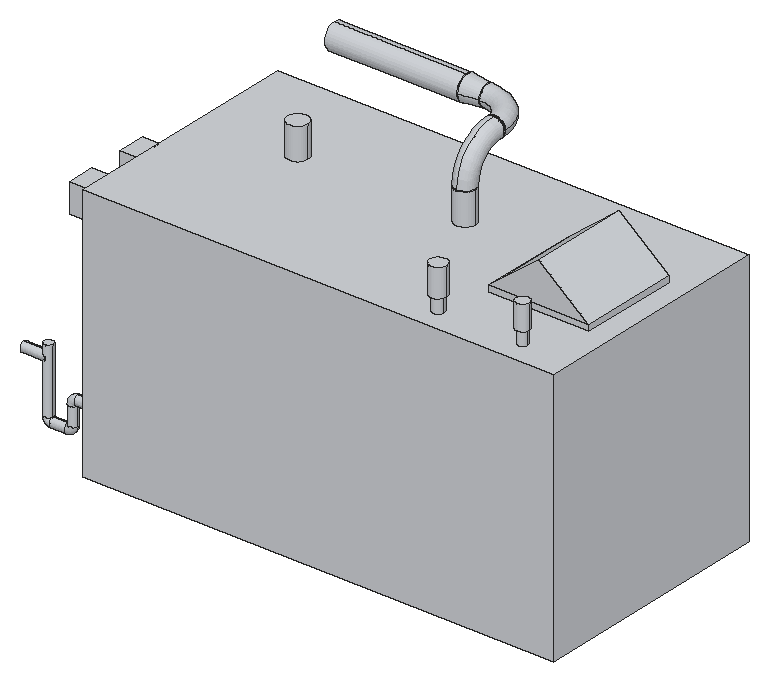
Revit family "AMP_BFIT 1500 Water Heater Dual Fuel", category Mechanical Equipment, Revit 2019
Family settings
  Round Connector Dimension = Use Diameter
  Part Type = Normal
  OmniClass Number = 23.75.00.00
  OmniClass Title = Climate Control (HVAC)
  Work Plane-Based = No
  Always vertical = Yes
  Cut with Voids When Loaded = No
  Shared = No
  Room Calculation Point = No
Parameters (values of type "AMP/BFIT 1500 Water Heater Dual Fuel")
  Width = 34 1/4"
  Length = 66 1/8"
  Height = 36 1/8"
  Voltage = ""
  Vent = "8\" EZ Vent"
  Manufacturer = "Bryan Steam"  # constant formula
  Hydronic Supply = "3\" Victaulic"
  Hydronic Return = "2-1/2\" Victaulic"
  Gas Train (Propane) = "1\" NPT"
  Gas Train (Natural Gas) = "1-1/4\" NPT"
  Condensate Trap = "1\" Pipe"
  Boiler Drain = "3/4\" NPT"
  Air Supply = "8\""
Reference planes
  plane 1 "Center (Front/Back)": y = 0
  plane 2: z = 0
  plane 3 "Center (Left/Right)": x = 0
  plane 4 "Vent": y = 95.25
  plane 5 "Condensate Trap": y = -304.8
  plane 6 "Supply 2.5" Victualic Elbow Style 10": x = 100.902
  plane 7 "3" Supply Manifold": z = 1158.875
  plane 8 "3" Supply Elbow Victaulic Style 10": y = 355.6
Forms (mm)
  Extrusion 1, solid
    sketch origin (0, 0, 0) x (1, 0, 0) y (0, 1, 0)
      loop
        line (-839.787, 434.975) -> (-839.787, -434.975) -> (839.788, -434.975) -> (839.788, 434.975) -> (-839.787, 434.975)
    from 0 to 917.575
  Extrusion 2, solid
    sketch origin (0, 0, 917.575) x (1, 0, 0) y (0, 1, 0)
      loop
        line (405.549, 174.625) -> (405.549, -180.975) -> (763.588, -180.975) -> (763.588, 174.625) -> (405.549, 174.625)
    from 0 to 21.63
  Extrusion 3, solid
    sketch origin (763.588, -180.975, 917.575) x (-1, 0, 0) y (0, 0, -1)
      loop
        line (358.038, -21.63) -> (0, -21.63) -> (179.019, -167.063) -> (358.038, -21.63)
    from 0 to -355.6
  Extrusion 4, solid
    sketch origin (0, 0, 917.575) x (1, 0, 0) y (0, 1, 0)
      loop
        circle (-496.887, 95.25) r 36.513
      loop
        circle (100.902, 95.25) r 36.513
    from 0 to 111.125
  Extrusion 5, solid
    sketch origin (-839.787, -434.975, 0) x (0, 1, 0) y (0, 0, -1)
      loop
        circle (714.375, -257.175) r 100.013
      loop
        circle (714.375, -257.175) r 94.456
    from 0 to 28.575
  Sweep 6, solid
    path origin (0, -304.8, 0) x (-1, 0, 0) y (0, 0, 1)
      loop
        line (839.787, 146.406) -> (960.793, 146.406)
        arc (960.793, 146.406) -> (973.15, 141.287) -> (978.268, 128.93) r 17.475
        line (978.268, 128.93) -> (978.268, 62.281)
        arc (978.268, 62.281) -> (983.387, 49.924) -> (995.743, 44.806) r 17.475
        line (995.743, 44.806) -> (1049.706, 44.806)
        arc (1049.706, 44.806) -> (1062.054, 49.92) -> (1067.168, 62.268) r 17.463
        line (1067.168, 62.268) -> (1067.168, 292.456)
    profile origin (-900.29, -304.8, 146.406) x (0, 0, 1) y (0, 1, 0)
      loop
        circle (0, 0) r 16.701
  Revolve 7, solid
    sketch origin (0, -304.8, 0) x (-1, 0, 0) y (0, 0, 1)
      loop
        line (1154.112, 250.825) -> (1154.112, 267.526) -> (1066.8, 267.526) -> (1066.8, 250.825) -> (1154.112, 250.825)
      axis (1066.8, 250.825) -> (1154.112, 250.825)
    angle from 0 to 360
  Sweep 8, solid
    path origin (100.902, 0, 0) x (0, 1, 0) y (0, 0, 1)
      loop
        line (95.25, 1028.7) -> (95.25, 1031.875)
        arc (95.25, 1031.875) -> (132.447, 1121.678) -> (222.25, 1158.875) r 127
        line (222.25, 1158.875) -> (225.498, 1158.875)
    profile origin (100.902, 95.25, 1030.288) x (0, -1, 0) y (1, 0, 0)
      loop
        circle (0, 0) r 36.05
  Sweep 9, solid
    path origin (0, 0, 1158.875) x (1, 0, 0) y (0, 1, 0)
      loop
        line (100.902, 225.498) -> (100.902, 228.673)
        arc (100.902, 228.673) -> (63.704, 318.475) -> (-26.098, 355.673) r 127
        line (-26.098, 355.673) -> (-29.273, 355.673)
    profile origin (100.902, 227.085, 1158.875) x (-1, 0, 0) y (0, 0, 1)
      loop
        circle (0, 0) r 36.314
  SweptBlend 10, solid
    path origin (0, 0, 1158.875) x (1, 0, 0) y (0, 1, 0)
      loop
        line (-29.273, 323.923) -> (-100.393, 323.923)
    profile origin (-29.273, 323.923, 1158.875) x (0, -1, 0) y (0, 0, 1)
      loop
        circle (-31.677, 0) r 36.314
    end profile origin (-100.393, 323.923, 1158.875) x (0, -1, 0) y (0, 0, 1)
      loop
        circle (-31.677, 0) r 44.45
  Extrusion 11, solid
    sketch origin (-100.393, 355.6, 1158.875) x (0, 0, -1) y (0, -1, 0)
      loop
        circle (0, -0.065) r 44.513
    from 0 to 472.678
  Extrusion 12, solid
    sketch origin (-839.787, -434.975, 0) x (0, 1, 0) y (0, 0, -1)
      loop
        line (345.313, -912.813) -> (345.313, -811.213) -> (243.713, -811.213) -> (243.713, -912.813) -> (345.313, -912.813)
      loop
        line (119.888, -912.8) -> (119.888, -811.2) -> (18.288, -811.2) -> (18.288, -912.8) -> (119.888, -912.8)
    from 0 to 63.004
  Revolve 13, solid
    sketch origin (0, 95.25, 0) x (-1, 0, 0) y (0, 0, 1)
      loop
        line (1001.713, 644.525) -> (996.369, 746.493) -> (812.471, 736.855) -> (817.815, 634.887) -> (1001.713, 644.525)
      axis (817.815, 634.887) -> (1001.713, 644.525)
    angle from 0 to 360
  Extrusion 14, solid
    sketch origin (-839.787, -434.975, 0) x (0, 1, 0) y (0, 0, -1)
      loop
        circle (530.225, -815.975) r 13.335
    from 0 to 28.575
  Extrusion 15, solid
    sketch origin (0, 0, 917.575) x (1, 0, 0) y (0, 1, 0)
      loop
        circle (360.363, -349.25) r 21.082
    from 0 to 53.975
  Extrusion 16, solid
    sketch origin (0, 0, 971.55) x (1, 0, 0) y (0, 1, 0)
      loop
        circle (360.363, -349.25) r 30.163
    from 0 to 98.425
  Extrusion 17, solid
    sketch origin (-868.362, -434.975, 0) x (0, 1, 0) y (0, 0, -1)
      loop
        circle (530.225, -815.975) r 19.05
    from 0 to 60.325
  Extrusion 18, solid
    sketch origin (0, 0, 917.575) x (1, 0, 0) y (0, 1, 0)
      loop
        circle (661.988, -349.25) r 16.7
    from 0 to 50.8
  Extrusion 19, solid
    sketch origin (0, 0, 968.375) x (1, 0, 0) y (0, 1, 0)
      loop
        circle (661.988, -349.25) r 23.813
    from 0 to 85.725
Dimensions and locks
  "Height": Extrusion 1 to level
  equal spacing: Extrusion 1 sketch curve, plane 3 "Center (Left/Right)", Extrusion 1 sketch curve
  "Length": Extrusion 1 sketch curve to Extrusion 1 sketch curve
  equal spacing: Extrusion 1 sketch curve, plane 1 "Center (Front/Back)", Extrusion 1 sketch curve
  "Width": Extrusion 1 sketch curve to Extrusion 1 sketch curve
  Extrusion 2 sketch curve to Extrusion 1 = 3"
  locked: Extrusion 2 sketch curve to Extrusion 2 sketch curve at 358.038
  locked: Extrusion 2 sketch curve to Extrusion 2 sketch curve at 355.6
  locked: Extrusion 2 sketch curve to Extrusion 1 at 254
  locked: Extrusion 1 to Extrusion 4 sketch curve at 339.725  (x2)
  equal spacing: Extrusion 1, Extrusion 4 sketch curve, Extrusion 4 sketch curve
  Extrusion 4 sketch curve to Extrusion 4 sketch curve = 23.535"
  locked: Extrusion 1 to Extrusion 5 sketch curve at 257.175
  Extrusion 1 to Extrusion 5 sketch curve = 6 1/8"
  level to plane 7 "3" Supply Manifold" = 45 5/8"
  locked: Sweep 9 sketch curve to Sweep 9 sketch curve at 130.175
  locked: SweptBlend 10 sketch curve to SweptBlend 10 sketch curve at 71.12
  SweptBlend 10 sketch curve to Sweep 9 = 0"
  plane 3 "Center (Left/Right)" to plane 6 "Supply 2.5" Victualic Elbow Style 10" = 3.9725"
  locked: plane 8 "3" Supply Elbow Victaulic Style 10" to plane 1 "Center (Front/Back)" at 355.6
  locked: plane 4 "Vent" to plane 1 "Center (Front/Back)" at 95.25
  locked: plane 5 "Condensate Trap" to plane 1 "Center (Front/Back)" at 304.8
  locked: Sweep 6 sketch curve to Sweep 6 sketch curve at 88.9
  locked: Sweep 6 sketch curve to Sweep 6 sketch curve at 247.65
  locked: Revolve 7 sketch curve to Revolve 7 sketch curve at 87.313
  locked: Extrusion 12 sketch curve to Extrusion 12 sketch curve at 101.6  (x4)
  locked: Revolve 13 sketch curve to Revolve 13 sketch curve at 102.108
  locked: Revolve 7 sketch curve to Revolve 7 sketch curve at 16.701
  Extrusion 1 to Extrusion 14 sketch curve = 32 1/8"
  Extrusion 1 to Extrusion 14 sketch curve = 13 3/8"
  locked: Extrusion 1 to Extrusion 15 sketch curve at 85.725
  locked: Extrusion 15 sketch curve to Extrusion 1 at 479.425
  locked: Extrusion 1 to Extrusion 16 sketch curve at 85.725
  locked: Extrusion 16 sketch curve to Extrusion 1 at 479.425
  locked: Extrusion 1 to Extrusion 17 sketch curve at 101.6
  locked: Extrusion 1 to Extrusion 17 sketch curve at 339.725
  locked: Extrusion 1 to SweptBlend 10 sketch curve at 79.375  (x2)
  locked: SweptBlend 10 sketch curve to Extrusion 1 at 241.3  (x2)
  Sweep 9 sketch curve to Sweep 9 sketch curve = 5 1/8"
  locked: Sweep 8 sketch curve to Sweep 8 sketch curve at 3.175
  locked: Sweep 8 sketch curve to Extrusion 4 at 3.175
  locked: Sweep 8 sketch curve to Extrusion 1 at 212.725
  locked: Extrusion 1 to Extrusion 18 sketch curve at 85.725
  locked: Extrusion 18 sketch curve to Extrusion 1 at 177.8
  locked: Extrusion 1 to Extrusion 19 sketch curve at 85.725
  locked: Extrusion 19 sketch curve to Extrusion 1 at 177.8
  diameter of Extrusion 5 sketch curve = 7 7/16"
  diameter of Extrusion 5 sketch curve = 7 7/8"
  diameter of Extrusion 15 sketch curve = 1.66"
  diameter of Extrusion 16 sketch curve = 2 3/8"
  diameter of Extrusion 17 sketch curve = 1 1/2"
  diameter of SweptBlend 10 sketch curve = 2 55/64"
  diameter of SweptBlend 10 sketch curve = 3 1/2"
  diameter of Sweep 9 sketch curve = 10"
  diameter of Sweep 8 sketch curve = 10"
  diameter of Extrusion 18 sketch curve = 1.315"
  diameter of Extrusion 19 sketch curve = 1 7/8"
  aligned and locked: level to plane 2
Automatic sketch dimensions
  Extrusion 3 sketch curve to Extrusion 2 = 0"  (x3)
  Extrusion 3 sketch curve to Extrusion 2 = 7.048"
  Extrusion 3 sketch curve to Extrusion 2 = 5.72571"
  Extrusion 5 sketch curve to Extrusion 5 sketch curve = 0"  (x2)
  Sweep 6 sketch curve to plane 5 "Condensate Trap" = 0"
  profile plane to Sweep 6 sketch curve = 0"
  Sweep 6 sketch curve to Sweep 6 sketch curve = 0.688"  (x2)
  Sweep 6 sketch curve to Sweep 6 sketch curve = 11/16"
  Sweep 6 sketch curve to Sweep 6 sketch curve = 2.624"
  Sweep 6 sketch curve to Sweep 6 sketch curve = 4.764"
  Sweep 8 sketch curve to plane 6 "Supply 2.5" Victualic Elbow Style 10" = 0"
  Sweep 8 sketch curve to profile plane = 0"
  Sweep 9 sketch curve to plane 7 "3" Supply Manifold" = 0"
  Sweep 9 sketch curve to profile plane = 0"
  plane 4 "Vent" to SweptBlend 10 sketch curve = 9.00286"
  Revolve 7 sketch curve to Revolve 7 sketch curve = 0.2025"
  Revolve 7 sketch curve to Revolve 7 sketch curve = 2.453"
  Revolve 13 sketch curve to Revolve 13 sketch curve = 0.37944"
  Revolve 13 sketch curve to Revolve 13 sketch curve = 0"  (x2)
  Extrusion 4 sketch curve to Extrusion 1 = 13 1/2"
  level to Sweep 6 sketch curve = 5.764"
  Sweep 6 sketch curve to plane 3 "Center (Left/Right)" = 37.8265"
  level to Revolve 7 sketch curve = 10.5325"
  Revolve 7 sketch curve to plane 3 "Center (Left/Right)" = 42"
  Revolve 7 sketch curve to Revolve 7 sketch curve = 0"
  Extrusion 1 to Extrusion 12 sketch curve = 0.188"
  Extrusion 12 sketch curve to Extrusion 1 = 0.72"
  Extrusion 1 to Extrusion 12 sketch curve = 3/16"
  Extrusion 12 sketch curve to Extrusion 12 sketch curve = 4 7/8"
  Revolve 13 sketch curve to plane 3 "Center (Left/Right)" = 31.98705"
  Revolve 13 sketch curve to plane 7 "3" Supply Manifold" = 20.62944"
  Revolve 13 sketch curve to Revolve 13 sketch curve = 0.21039"
  Revolve 13 sketch curve to plane 7 "3" Supply Manifold" = 21.07429"
  Sweep 9 sketch curve to plane 6 "Supply 2.5" Victualic Elbow Style 10" = 0"
  plane 8 "3" Supply Elbow Victaulic Style 10" to Sweep 9 sketch curve = 0.00286"
  Sweep 8 sketch curve to Sweep 8 sketch curve = 0.12786"
  radius of Sweep 6 sketch curve = 0.6575"
  radius of Sweep 8 sketch curve = 1.41931"
  radius of Sweep 9 sketch curve = 1 55/128"
  radius of Extrusion 11 sketch curve = 1.75249"
  radius of Extrusion 4 sketch curve = 1 7/16"  (x2)
  radius of Extrusion 14 sketch curve = 0.525"
Connectors
  piping at (-496.887, 95.25, 1028.7), diameter 63.5
    settings: on Extrusion 4, index 2, connector inside diameter 24", connector length 0", flow factor 0, pipe flow 0 GPM, pressure drop 0.00 psi, fitting loss kfactor 0, connector angle 0.00°, fixture units 0, engagement length 0", angle of deflection 0.00°, flow configuration 0, flow direction 1, fitting loss method 0, system type 8, joint type 0, gender type 0, connector reference index -1, connector utility 0, adjustable connector no, is connector primary yes, connector description ""
  piping at (-868.362, 279.4, 257.175), diameter 203.2
    settings: on Extrusion 5, index 4, connector inside diameter 24", connector length 0", flow factor 0, pipe flow 0 GPM, pressure drop 0.00 psi, fitting loss kfactor 0, connector angle 0.00°, fixture units 0, engagement length 0", angle of deflection 0.00°, flow configuration 0, flow direction 1, fitting loss method 0, system type 22, joint type 0, gender type 0, connector reference index -1, connector utility 0, adjustable connector no, is connector primary no, connector description ""
  piping at (-1001.713, 95.25, 644.525), diameter 203.2
    settings: on Revolve 13, index 5, connector inside diameter 24", connector length 0", flow factor 0, pipe flow 0 GPM, pressure drop 0.00 psi, fitting loss kfactor 0, connector angle 0.00°, fixture units 0, engagement length 0", angle of deflection 0.00°, flow configuration 0, flow direction 2, fitting loss method 0, system type 17, joint type 0, gender type 0, connector reference index -1, connector utility 0, adjustable connector no, is connector primary no, connector description ""
  piping at (-1154.112, -304.8, 250.825), diameter 25.4
    settings: on Revolve 7, index 6, connector inside diameter 24", connector length 0", flow factor 0, pipe flow 0 GPM, pressure drop 0.00 psi, fitting loss kfactor 0, connector angle 0.00°, fixture units 0, engagement length 0", angle of deflection 0.00°, flow configuration 0, flow direction 2, fitting loss method 0, system type 22, joint type 0, gender type 0, connector reference index -1, connector utility 0, adjustable connector no, is connector primary no, connector description ""
  piping at (-573.072, 355.665, 1158.875), diameter 76.2
    settings: on Extrusion 11, index 8, connector inside diameter 24", connector length 0", flow factor 0, pipe flow 0 GPM, pressure drop 0.00 psi, fitting loss kfactor 0, connector angle 0.00°, fixture units 0, engagement length 0", angle of deflection 0.00°, flow configuration 0, flow direction 2, fitting loss method 0, system type 7, joint type 0, gender type 0, connector reference index -1, connector utility 0, adjustable connector no, is connector primary no, connector description ""
  piping at (360.363, -349.25, 1069.975), diameter 31.75
    settings: on Extrusion 16, index 10, connector inside diameter 24", connector length 0", flow factor 0, pipe flow 0 GPM, pressure drop 0.00 psi, fitting loss kfactor 0, connector angle 0.00°, fixture units 0, engagement length 0", angle of deflection 0.00°, flow configuration 0, flow direction 1, fitting loss method 0, system type 22, joint type 0, gender type 0, connector reference index -1, connector utility 0, adjustable connector no, is connector primary no, connector description ""
  piping at (-928.687, 95.25, 815.975), diameter 19.05
    settings: on Extrusion 17, index 11, connector inside diameter 24", connector length 0", flow factor 0, pipe flow 0 GPM, pressure drop 0.00 psi, fitting loss kfactor 0, connector angle 0.00°, fixture units 0, engagement length 0", angle of deflection 0.00°, flow configuration 0, flow direction 2, fitting loss method 0, system type 22, joint type 0, gender type 0, connector reference index -1, connector utility 0, adjustable connector no, is connector primary no, connector description ""
  piping at (661.988, -349.25, 1054.1), diameter 25.4
    settings: on Extrusion 19, index 12, connector inside diameter 24", connector length 0", flow factor 0, pipe flow 0 GPM, pressure drop 0.00 psi, fitting loss kfactor 0, connector angle 0.00°, fixture units 0, engagement length 0", angle of deflection 0.00°, flow configuration 0, flow direction 1, fitting loss method 0, system type 22, joint type 0, gender type 0, connector reference index -1, connector utility 0, adjustable connector no, is connector primary no, connector description ""
